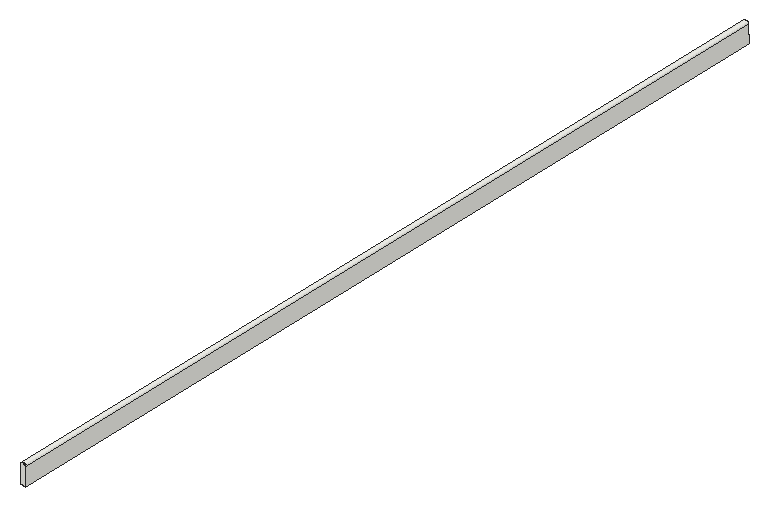
Revit family "Chemseal", category Specialty Equipment, host Face, Revit 2020
Family settings
  Host = Face
  Round Connector Dimension = Use Diameter
  Part Type = Normal
  Cut with Voids When Loaded = No
  Shared = No
  Room Calculation Point = No
Parameters (values of type "SEE TYPE CATEGORY")
  Width = 0' - 0 1/2"
  URL = "http://www.emseal.com/"
  Type Image = EMSEAL Chemseal.jpg
  Triple Shallow Depth [instance] = if(or(Width > 0' 1 131/256", Width < 0' 2 1/4"), 0' 2 1/2", Depth)  # 0' - 2 1/2"
  Triple Shallow Bellow = no
  Triple Radius [instance] = Width / 6  # 0' - 0.08333"
  Triple Depth [instance] = if(or(Width > 0' 2 67/256", Width < 0' 2 1/2"), 0' 2 3/4", Depth)  # 0' - 2 3/4"
  Triple Deep Depth [instance] = if(or(Width > 0' 2 131/256", Width < 0' 3"), 0' 3 1/4", Depth)  # 0' - 3 1/4"
  Triple Deep Bellow = no
  Triple Bellow = no
  Tensile Strength (ASTM D3574) = "275 psi min"
  Temperature Range (ASTM C711) = "185°F (85°C) to -40°F (-40°C)"
  Staining (ASTM C510) = "None"
  Single Shallow Depth [instance] = if(Width < 0' 0 195/256", 0' 1 3/4", Depth)  # 0' - 1 3/4"
  Single Shallow Bellow = yes
  Single Radius [instance] = Width / 2  # 0' - 0 1/4"
  Single Deep Depth [instance] = if(Width < 0' 1 67/256", 0' 2", Depth)  # 0' - 2"
  Single Deep Bellow = no
  Seal Material Note = "Chemseal is also available with a polysulfide coating"
  Seal Material [instance] = Silicone - Dowsil 748 White
  Rate of Air Leakage (ASTM E283) = "Passed"
  R Value Range (ASTM C518) = "2.1 per 1-inch (25mm) depth"
  Quad Shallow Depth [instance] = if(or(Width > 0' 3 67/256", Width < 0' 3 1/2"), 0' 3 1/2", Width)  # 0' - 3 1/2"
  Quad Shallow Bellow = no
  Quad Radius [instance] = Width / 8  # 0' - 0 1/16"
  Quad Deep Depth [instance] = if(or(Width > 0' 3 189/256", Width < 0' 4 3/256"), 0' 4", Depth)  # 0' - 4"
  Quad Deep Bellow = no
  Product Page URL = "https://bit.ly/37HhpXu"
  Product Documentation URL = "https://bit.ly/3jUTSIs"
  Product Data URL = "https://bit.ly/3jUTSIs"
  Pick Resistance = no
  Movement (of Nominal Material Size) = "+25% / -25%"
  Model = "Chemseal"
  Manufacturer = "EMSEAL Joint Systems Ltd"
  Length [instance] = 6' - 6 23/32"
  Durometer Hardness of Silicone Coating (ASTM D2240) = "Shore A: 35"
  Description = "Chemical-Resistant, Structural Expansion Joint and Construction Joint Sealant"
  Depth = 0' - 4"
  Default Elevation = 0' - 0"
  Calc Width Triple [instance] = if(or(Width > 0' 3 21/256", Width < 0' 1 125/256"), 0' 1 1/2", Width)  # 0' - 1 1/2"
  Calc Width Single [instance] = if(Width > 0' 1 67/256", 0' 1 67/256", Width)  # 0' - 0 1/2"
  Calc Width Quad [instance] = if(Width > 0' 3 61/256", Width, 0' 4")  # 0' - 4"
  Assembly Code = "C3020200"
  ABAA Compliance = yes
Reference planes (in)
  plane 1 "Center (Front/Back)": y = 0
  plane 2: z = 0
  plane 3 "Center (Left/Right)": x = 0
  plane 4 "Width 1": x = -0.25
  plane 5 "Width 2": x = 0.25
  plane 6: y = 39.35937
  plane 7: y = -39.35938
  plane 8: z = -1.75
  plane 9 "Quad Width 1": x = -2
  plane 10: x = -1
  plane 11: x = 1
  plane 12 "Quad Width 2": x = 2
  plane 13 "Triple Width 1": x = -0.75
  plane 14 "Triple Width 2": x = 0.75
  plane 15: x = 0.25
  plane 16: x = -0.25
  plane 17 "Single Width 1": x = -0.25
  plane 18 "Single Width 2": x = 0.25
  plane 19 "Expansion Line": z = 0.03125
  plane 20: z = 0.57227
  plane 21: z = 0.70736
  plane 22 "Hex Center": x = 0
  plane 23: z = -2
  plane 24: z = -0.25
  plane 25: z = -2.5
  plane 26: z = -2.75
  plane 27: z = -3.25
  plane 28: z = -0.08333
  plane 29: z = -3.5
  plane 30: z = -4
  plane 31: z = -0.0625
Forms (in)
  Extrusion 1, void
    sketch origin (0, 0, 0) x (1, 0, 0) y (0, 1, 0)
      loop
        line (-0.25, -39.35938) -> (0.25, -39.35938) -> (0.25, 39.35937) -> (-0.25, 39.35937) -> (-0.25, -39.35938)
    from 0 to -30
  Extrusion 2, solid, detail levels coarse
    sketch origin (0, 0, 0) x (1, 0, 0) y (0, 1, 0)
      loop
        line (-0.25, 39.35937) -> (-0.25, -39.35938) -> (0.25, -39.35938) -> (0.25, 39.35937) -> (-0.25, 39.35937)
    from 0 to -4
  Extrusion 3, solid, material "Silicone - Dowsil 748 White" <- "Seal Material", visible <- "Quad Shallow Bellow", detail levels medium+fine
    sketch origin (0, 0, 0) x (1, 0, 0) y (0, 0, 1)
      loop
        line (-2, -3.5) -> (2, -3.5) -> (2, -0.5)
        arc (2, -0.5) -> (1.5, 0) -> (1, -0.5) r 0.5
        arc (1, -0.5) -> (0.5, 0) -> (0, -0.5) r 0.5
        arc (0, -0.5) -> (-0.5, 0) -> (-1, -0.5) r 0.5
        arc (-1, -0.5) -> (-1.5, 0) -> (-2, -0.5) r 0.5
        line (-2, -0.5) -> (-2, -3.5)
    from 39.35938 to -39.35937
  Extrusion 4, solid, material "Silicone - Dowsil 748 White" <- "Seal Material", visible <- "Triple Shallow Bellow"
    sketch origin (0, 0, 0) x (1, 0, 0) y (0, 0, 1)
      loop
        line (-0.75, -2.5) -> (0.75, -2.5) -> (0.75, -0.08333)
        arc (0.75, -0.08333) -> (0.5, 0.16667) -> (0.25, -0.08333) r 0.25
        arc (0.25, -0.08333) -> (0, 0.16667) -> (-0.25, -0.08333) r 0.25
        arc (-0.25, -0.08333) -> (-0.5, 0.16667) -> (-0.75, -0.08333) r 0.25
        line (-0.75, -0.08333) -> (-0.75, -2.5)
    from 39.35938 to -39.35937
  Extrusion 5, solid, material "Silicone - Dowsil 748 White" <- "Seal Material", visible <- "Single Shallow Bellow"
    sketch origin (0, 0, 0) x (1, 0, 0) y (0, 0, 1)
      loop
        line (-0.25, -1.75) -> (0.25, -1.75) -> (0.25, -0.25)
        arc (0.25, -0.25) -> (0, 0) -> (-0.25, -0.25) r 0.25
        line (-0.25, -0.25) -> (-0.25, -1.75)
    from 39.35938 to -39.35937
  Extrusion 6, solid, material "Silicone - Dowsil 748 White" <- "Seal Material", visible <- "Triple Bellow"
    sketch origin (0, 0, 0) x (1, 0, 0) y (0, 0, 1)
      loop
        line (-0.75, -2.75) -> (0.75, -2.75) -> (0.75, -0.08333)
        arc (0.75, -0.08333) -> (0.5, 0.16667) -> (0.25, -0.08333) r 0.25
        arc (0.25, -0.08333) -> (0, 0.16667) -> (-0.25, -0.08333) r 0.25
        arc (-0.25, -0.08333) -> (-0.5, 0.16667) -> (-0.75, -0.08333) r 0.25
        line (-0.75, -0.08333) -> (-0.75, -2.75)
    from 39.35938 to -39.35937
  Extrusion 7, solid, material "Silicone - Dowsil 748 White" <- "Seal Material", visible <- "Triple Deep Bellow"
    sketch origin (0, 0, 0) x (1, 0, 0) y (0, 0, 1)
      loop
        line (-0.75, -3.25) -> (0.75, -3.25) -> (0.75, -0.08333)
        arc (0.75, -0.08333) -> (0.5, 0.16667) -> (0.25, -0.08333) r 0.25
        arc (0.25, -0.08333) -> (0, 0.16667) -> (-0.25, -0.08333) r 0.25
        arc (-0.25, -0.08333) -> (-0.5, 0.16667) -> (-0.75, -0.08333) r 0.25
        line (-0.75, -0.08333) -> (-0.75, -3.25)
    from 39.35938 to -39.35937
  Extrusion 8, solid, material "Silicone - Dowsil 748 White" <- "Seal Material", visible <- "Quad Deep Bellow", detail levels medium+fine
    sketch origin (0, 0, 0) x (1, 0, 0) y (0, 0, 1)
      loop
        line (-2, -4) -> (2, -4) -> (2, -0.0625)
        arc (2, -0.0625) -> (1.5, 0.4375) -> (1, -0.0625) r 0.5
        arc (1, -0.0625) -> (0.5, 0.4375) -> (0, -0.0625) r 0.5
        arc (0, -0.0625) -> (-0.5, 0.4375) -> (-1, -0.0625) r 0.5
        arc (-1, -0.0625) -> (-1.5, 0.4375) -> (-2, -0.0625) r 0.5
        line (-2, -0.0625) -> (-2, -4)
    from 39.35938 to -39.35937
  Extrusion 9, solid, visible <- "Single Deep Bellow"
    sketch origin (0, 0, 0) x (1, 0, 0) y (0, 0, 1)
      loop
        line (-0.25, -2) -> (0.25, -2) -> (0.25, -0.25)
        arc (0.25, -0.25) -> (0, 0) -> (-0.25, -0.25) r 0.25
        line (-0.25, -0.25) -> (-0.25, -2)
    from 39.35938 to -39.35938
Lines and regions (in)
  model lines, style "Expansion Graphic"
    curve 1: line (0, 39.35937, 0.03125) -> (0, -39.35938, 0.03125)
Dimensions and locks (in)
  "Width": plane 4 "Width 1" to plane 5 "Width 2"
  equal spacing: plane 4 "Width 1", plane 3 "Center (Left/Right)", plane 5 "Width 2"
  equal spacing: plane 6, plane 1 "Center (Front/Back)", plane 7
  "Length": plane 6 to plane 7
  equal spacing: plane 12 "Quad Width 2", plane 11, plane 3 "Center (Left/Right)", plane 10, plane 9 "Quad Width 1"
  "Calc Width Quad": plane 12 "Quad Width 2" to plane 9 "Quad Width 1"
  locked: plane 2 to Extrusion 3 sketch curve
  equal spacing: plane 13 "Triple Width 1", plane 16, plane 15, plane 14 "Triple Width 2"
  "Calc Width Triple": plane 13 "Triple Width 1" to plane 14 "Triple Width 2"
  equal spacing: plane 13 "Triple Width 1", plane 3 "Center (Left/Right)", plane 14 "Triple Width 2"
  equal spacing: plane 17 "Single Width 1", plane 3 "Center (Left/Right)", plane 18 "Single Width 2"
  "Calc Width Single": plane 17 "Single Width 1" to plane 18 "Single Width 2"
  locked: plane 2 to Extrusion 5 sketch curve
  locked: plane 19 "Expansion Line" to level at 0.03125
  "Single Shallow Depth": plane 2 to plane 8
  "Single Radius": plane 2 to plane 24
  "Single Deep Depth": plane 2 to plane 23
  "Triple Radius": plane 2 to plane 28
  "Triple Shallow Depth": plane 2 to plane 25
  "Triple Depth": plane 2 to plane 26
  "Triple Deep Depth": plane 2 to plane 27
  "Quad Radius": plane 2 to plane 31
  "Quad Shallow Depth": plane 2 to plane 29
  "Quad Deep Depth": plane 2 to plane 30
  aligned and locked: plane 2 to host face
  aligned and locked: level to host face
  aligned and locked: Extrusion 1 sketch curve to plane 7
  aligned and locked: Extrusion 1 sketch curve to plane 4 "Width 1"
  aligned and locked: plane 6 to Extrusion 1 sketch curve
  aligned and locked: plane 5 "Width 2" to Extrusion 1 sketch curve
  aligned and locked: Extrusion 2 sketch curve to plane 6
  aligned and locked: plane 4 "Width 1" to Extrusion 2 sketch curve
  aligned and locked: plane 7 to Extrusion 2 sketch curve
  aligned and locked: Extrusion 2 sketch curve to plane 5 "Width 2"
  aligned and locked: level to Extrusion 2
  aligned and locked: Extrusion 3 sketch curve to plane 9 "Quad Width 1"
  aligned and locked: plane 12 "Quad Width 2" to Extrusion 3 sketch curve
  aligned and locked: plane 17 "Single Width 1" to Extrusion 5 sketch curve
  aligned and locked: Extrusion 5 sketch curve to plane 18 "Single Width 2"
  aligned and locked: Extrusion 5 sketch curve to plane 8
  aligned and locked: Extrusion 5 to plane 7
  aligned and locked: plane 6 to Extrusion 5
  aligned and locked: curve 1 to plane 3 "Center (Left/Right)"
  aligned and locked: plane 6 to curve 1
  aligned and locked: plane 7 to curve 1
  aligned and locked: Extrusion 5 to plane 8
  aligned and locked: Extrusion 4 to plane 25
  aligned and locked: Extrusion 6 to plane 26
  aligned and locked: plane 13 "Triple Width 1" to Extrusion 6
  aligned and locked: Extrusion 6 to plane 14 "Triple Width 2"
  aligned and locked: Extrusion 7 to plane 27
  aligned and locked: plane 13 "Triple Width 1" to Extrusion 7
  aligned and locked: Extrusion 7 to plane 14 "Triple Width 2"
  aligned and locked: plane 28 to Extrusion 7 sketch curve  (x4)
  aligned and locked: Extrusion 3 to plane 29
  aligned and locked: Extrusion 8 to plane 9 "Quad Width 1"
  aligned and locked: plane 12 "Quad Width 2" to Extrusion 8
  aligned and locked: Extrusion 8 to plane 30
  aligned and locked: plane 31 to Extrusion 8 sketch curve  (x5)
  aligned and locked: Extrusion 9 to plane 23
  aligned and locked: plane 17 "Single Width 1" to Extrusion 9
  aligned and locked: Extrusion 9 to plane 18 "Single Width 2"
  aligned and locked: Extrusion 2 to plane 30
  aligned and locked: plane 24 to Extrusion 9 sketch curve  (x2)
  aligned and locked: plane 13 "Triple Width 1" to Extrusion 6 sketch curve
  aligned and locked: Extrusion 6 sketch curve to plane 14 "Triple Width 2"
  aligned and locked: Extrusion 6 sketch curve to plane 26
  aligned and locked: plane 28 to Extrusion 6 sketch curve  (x4)
  aligned and locked: plane 24 to Extrusion 5 sketch curve  (x2)
  aligned and locked: plane 13 "Triple Width 1" to Extrusion 4 sketch curve
  aligned and locked: Extrusion 4 sketch curve to plane 25
  aligned and locked: Extrusion 4 sketch curve to plane 14 "Triple Width 2"
  aligned and locked: plane 28 to Extrusion 4 sketch curve  (x4)
  aligned and locked: plane 16 to Extrusion 4 sketch curve  (x2)
  aligned and locked: plane 15 to Extrusion 4 sketch curve  (x2)
  aligned and locked: plane 14 "Triple Width 2" to Extrusion 4 sketch curve
Automatic sketch dimensions
  host sketch curve to host sketch curve = 8' - 0"  (x2)
  Extrusion 3 sketch curve to plane 10 = 0' - 0"  (x2)
  Extrusion 3 sketch curve to plane 3 "Center (Left/Right)" = 0' - 0"  (x2)
  Extrusion 3 sketch curve to plane 11 = 0' - 0"  (x2)
  Extrusion 3 sketch curve to plane 29 = 0' - 0"
  plane 16 to Extrusion 6 sketch curve = 0' - 0"  (x2)
  Extrusion 6 sketch curve to plane 3 "Center (Left/Right)" = 0' - 0"
  plane 15 to Extrusion 6 sketch curve = 0' - 0"
  plane 13 "Triple Width 1" to Extrusion 7 sketch curve = 0' - 0"
  plane 16 to Extrusion 7 sketch curve = 0' - 0"  (x2)
  Extrusion 7 sketch curve to plane 3 "Center (Left/Right)" = 0' - 0"
  plane 15 to Extrusion 7 sketch curve = 0' - 0"
  plane 14 "Triple Width 2" to Extrusion 7 sketch curve = 0' - 0"
  Extrusion 7 sketch curve to plane 27 = 0' - 0"
  Extrusion 8 sketch curve to plane 4 "Width 1" = 0' - 1 3/4"
  Extrusion 8 sketch curve to plane 10 = 0' - 0"  (x2)
  Extrusion 8 sketch curve to plane 3 "Center (Left/Right)" = 0' - 0"  (x2)
  Extrusion 8 sketch curve to plane 11 = 0' - 0"  (x2)
  plane 5 "Width 2" to Extrusion 8 sketch curve = 0' - 1 3/4"
  Extrusion 8 sketch curve to plane 29 = 0' - 0 1/2"
  plane 4 "Width 1" to Extrusion 9 sketch curve = 0' - 0"
  Extrusion 9 sketch curve to plane 3 "Center (Left/Right)" = 0' - 0"
  Extrusion 9 sketch curve to plane 23 = 0' - 0"
